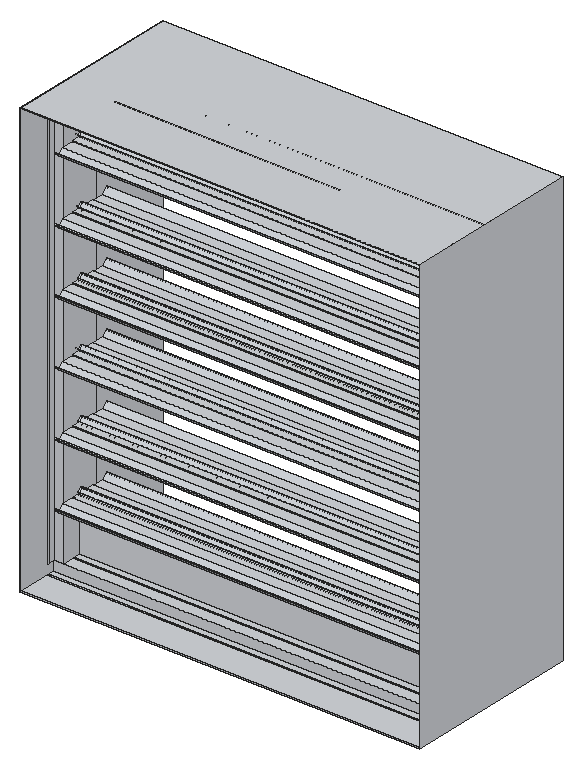
Revit family "FD-110-3V, FDD-110-3V", category Mechanical Equipment, Revit 2015
Parameters
  URL = "http://unitedenertech.com/catalog/pdf/A-30%20%20(FDD-110-3V%20(-OW)%20(-CR)-1%20black%20and%20white.pdf"
  Type Comments = "Max. Sizes are (1.5 Hour Vertical 108\"w x 96\"h), (1.5 Hour Horizontal 72\"w x 48\"h), (3 Hour Vertical 72\"w x 48\"h), (3 Hour Horizontal 72\"w x 48\"h)"
  Model = "FD-110-3V, FDD-110-3V"
  Manufacturer = "United Enertech Corporation"
  Keynote = "FSLF-120 Actuator Shown In the Air Stream, Consult Factory for Out of the Air Stream Placement in Models. See Website for Correct Actuator for Damper Size."
  Exact Width = 3' - 0"
  Exact Height = 3' - 3"
  Description = "Multi-Blade Fire Damper, 3V Blade"
  Depth = 1' - 4"
  Blade Spacing = 0' - 5 3/4"
  Blade Number [instance] = rounddown((Exact Height - 0' 3") / Blade Spacing)  # 6
  BW [instance] = Exact Width - 0' 2 1/2"  # 2' - 9 1/2"
Reference planes (in)
  plane 1 "Center (Front/Back)": y = 0
  plane 2: z = 0
  plane 3 "Center (Left/Right)": x = 0
  plane 4: z = 39
  plane 5: x = -18
  plane 6: x = 18
  plane 7: z = 0.0359
  plane 8: z = 38.9641
  plane 9: x = -17.9641
  plane 10: x = 17.9641
  plane 11: y = 13
  plane 12: y = -3
  plane 13: y = 5
  plane 14: z = 0.9348
  plane 15: z = 38.0293
  plane 16: x = -17.0293
  plane 17: x = 17.0293
  plane 18: z = 35.27732
  plane 19: y = 4.3098
  plane 20: z = 37.5
  plane 21: z = 26.4428
  plane 22: z = 35.24218
  plane 23: z = 34.78895
  plane 24: z = 35.97045
Forms (in)
  Extrusion 1, solid
    sketch origin (0, 0, 0) x (1, 0, 0) y (0, 0, 1)
      loop
        line (-17.9641, 38.9641) -> (-17.9641, 0.0359) -> (17.9641, 0.0359) -> (17.9641, 38.9641) -> (-17.9641, 38.9641)
      loop
        line (-18, 39) -> (-18, 0) -> (18, 0) -> (18, 39) -> (-18, 39)
    from -13 to 3
  Extrusion 2, solid
    sketch origin (23.93472, -8.11588, 0) x (1, 0, 0) y (0, 1, 0)
      loop
        line (-41.83902, 8.11588) -> (-41.83902, 8.17568) -> (-41.83902, 8.80608) -> (-40.96402, 8.80608) -> (-40.96402, 12.42568) -> (-41.83902, 12.42568) -> (-41.83902, 13.05608) -> (-41.83902, 13.11588) -> (-41.89882, 13.11588) -> (-41.89882, 12.36588) -> (-41.02382, 12.36588) -> (-41.02382, 8.86588) -> (-41.89882, 8.86588) -> (-41.89882, 8.11588) -> (-41.83902, 8.11588)
    from 0.9348 to 38.0293
  Extrusion 3, solid
    sketch origin (31.96104, -8.11588, 36.89882) x (0, 0, 1) y (0, 1, 0)
      loop
        line (-36.83902, 8.17568) -> (-36.83902, 8.80608) -> (-35.96402, 8.80608) -> (-35.96402, 12.42568) -> (-36.83902, 12.42568) -> (-36.83902, 13.05608) -> (-36.83902, 13.11588) -> (-36.89882, 13.11588) -> (-36.89882, 12.36588) -> (-36.02382, 12.36588) -> (-36.02382, 8.86588) -> (-36.89882, 8.86588) -> (-36.89882, 8.11588) -> (-36.83902, 8.11588) -> (-36.83902, 8.17568)
    from 13.99694 to 49.92514
  Extrusion 4, solid
    sketch origin (26.89178, -38.52709, 32.33205) x (0, -1, 0) y (0, 0, -1)
      loop
        line (-41.02709, -5.19725) -> (-41.02709, -5.69725) -> (-40.27709, -5.69725) -> (-40.27709, -5.61625) -> (-40.94609, -5.61625) -> (-40.94609, -5.19725) -> (-41.02709, -5.19725)
    from -43.92108 to -9.86248
  Extrusion 5, solid
    sketch origin (62.39247, 5.64851, 0.33329) x (0, 1, 0) y (0, 0, 1)
      loop
        line (-3.14851, 3.60151) -> (-3.22663, 3.60151) -> (-3.22663, 0.67964) -> (-3.89851, 0.67964) -> (-3.89851, 0.60151) -> (-3.14851, 0.60151) -> (-3.14851, 3.60151)
    from -79.42177 to -45.36317
  Extrusion 6, solid
    sketch origin (-23.93472, -8.11588, 0) x (-1, 0, 0) y (0, -1, 0)
      loop
        line (-41.83902, -8.11588) -> (-41.89882, -8.11588) -> (-41.89882, -8.86588) -> (-41.02382, -8.86588) -> (-41.02382, -12.36588) -> (-41.89882, -12.36588) -> (-41.89882, -13.11588) -> (-41.83902, -13.11588) -> (-41.83902, -13.05608) -> (-41.83902, -12.42568) -> (-40.96402, -12.42568) -> (-40.96402, -8.80608) -> (-41.83902, -8.80608) -> (-41.83902, -8.17568) -> (-41.83902, -8.11588)
    from 0.9348 to 38.0293
  Extrusion 7, solid
    sketch origin (31.96104, -8.11588, 11.06528) x (0, 0, -1) y (0, -1, 0)
      loop
        line (-27.83902, -8.17568) -> (-27.83902, -8.11588) -> (-27.89882, -8.11588) -> (-27.89882, -8.86588) -> (-27.02382, -8.86588) -> (-27.02382, -12.36588) -> (-27.89882, -12.36588) -> (-27.89882, -13.11588) -> (-27.83902, -13.11588) -> (-27.83902, -13.05608) -> (-27.83902, -12.42568) -> (-26.96402, -12.42568) -> (-26.96402, -8.80608) -> (-27.83902, -8.80608) -> (-27.83902, -8.17568)
    from 13.99694 to 49.92514
  Extrusion 8, solid
    sketch origin (0, 0, 0) x (0, 1, 0) y (0, 0, 1)
      loop
        line (7.9528, 35.24218) -> (7.6668, 35.24218)
        arc (7.6668, 35.24218) -> (7.8098, 34.71875) -> (7.9528, 35.24218) r 0.28125
    from -17.9641 to 17.9641
Dimensions and locks (in)
  "Exact Height": plane 4 to level
  equal spacing: plane 5, plane 3 "Center (Left/Right)", plane 6
  "Exact Width": plane 5 to plane 6
  locked: plane 7 to level at 0.0359
  locked: plane 4 to plane 8 at 0.0359
  locked: plane 5 to plane 9 at 0.0359
  locked: plane 10 to plane 6 at 0.0359
  locked: plane 1 "Center (Front/Back)" to plane 12 at 3
  "Depth": plane 11 to plane 12
  locked: plane 1 "Center (Front/Back)" to plane 13 at 5
  locked: plane 14 to level at 0.9348
  locked: plane 8 to plane 15 at 0.9348
  locked: plane 16 to plane 9 at 0.9348
  locked: plane 10 to plane 17 at 0.9348
  locked: plane 4 to plane 18 at 3.72268
  locked: plane 13 to plane 19 at 0.6902
  locked: plane 4 to plane 20 at 1.5
  locked: plane 4 to plane 21 at 12.5572
  locked: plane 4 to plane 22 at 3.75782
  locked: plane 4 to plane 23 at 4.21105
  equal spacing: group 2, group 3, group 4, group 5, group 6, group 7  (x2)
  equal spacing: group 7, group 6, group 5, group 4, group 3, group 2
  "Blade Spacing": nested 4 to nested 5
  locked: plane 4 to plane 24 at 3.02955
  aligned and locked: level to plane 2
  aligned and locked: Extrusion 1 sketch curve to plane 4
  aligned and locked: level to Extrusion 1 sketch curve
  aligned and locked: Extrusion 1 sketch curve to plane 5
  aligned and locked: Extrusion 1 sketch curve to plane 6
  aligned and locked: Extrusion 1 sketch curve to plane 8
  aligned and locked: plane 7 to Extrusion 1 sketch curve
  aligned and locked: plane 10 to Extrusion 1 sketch curve
  aligned and locked: plane 9 to Extrusion 1 sketch curve
  aligned and locked: plane 11 to Extrusion 1
  aligned and locked: Extrusion 1 to plane 12
  aligned and locked: Extrusion 2 to plane 9
  aligned and locked: Extrusion 6 to plane 10
  aligned and locked: Extrusion 3 to plane 9
  aligned and locked: Extrusion 3 to plane 10
  aligned and locked: Extrusion 6 to plane 14
  aligned and locked: Extrusion 2 to plane 14
  aligned and locked: plane 8 to Extrusion 7
  aligned and locked: plane 15 to Extrusion 6
  aligned and locked: plane 15 to Extrusion 2
  aligned and locked: Extrusion 7 to plane 9
  aligned and locked: Extrusion 7 to plane 10
  aligned and locked: Extrusion 5 to plane 16
  aligned and locked: plane 17 to Extrusion 5
  aligned and locked: Extrusion 7 to plane 15
  aligned and locked: plane 15 to Extrusion 4
  aligned and locked: Extrusion 4 to plane 16
  aligned and locked: plane 17 to Extrusion 4
  aligned and locked: nested 2 to plane 10
  aligned and locked: plane 9 to nested 3
  aligned and locked: nested 3 to plane 19
  aligned and locked: plane 19 to nested 2
  aligned and locked: Extrusion 8 to plane 10
  aligned and locked: Extrusion 8 to plane 9
  aligned and locked: nested 3 to plane 20
  aligned and locked: plane 20 to nested 2
  aligned and locked: plane 22 to Extrusion 8
  aligned and locked: nested 4 to plane 23
  aligned and locked: nested 4 to plane 3 "Center (Left/Right)"
  aligned and locked: plane 17 to nested 6
  aligned and locked: plane 24 to nested 6
Automatic sketch dimensions
  Extrusion 2 sketch curve to plane 9 = 0' - 0"  (x2)
  plane 1 "Center (Front/Back)" to Extrusion 2 sketch curve = 0' - 0"
  plane 13 to Extrusion 2 sketch curve = 0' - 0"
  plane 9 to Extrusion 2 sketch curve = 0' - 0.0598"  (x2)
  Extrusion 2 sketch curve to Extrusion 2 sketch curve = 0' - 0.8152"
  Extrusion 2 sketch curve to Extrusion 2 sketch curve = 0' - 0.0598"  (x4)
  Extrusion 2 sketch curve to plane 1 "Center (Front/Back)" = 0' - 0.0598"
  Extrusion 2 sketch curve to Extrusion 2 sketch curve = 0' - 0.6304"
  Extrusion 2 sketch curve to Extrusion 2 sketch curve = 0' - 0 3/4"
  Extrusion 3 sketch curve to level = 0' - 0"  (x2)
  Extrusion 3 sketch curve to plane 1 "Center (Front/Back)" = 0' - 0"
  Extrusion 3 sketch curve to plane 13 = 0' - 0"
  Extrusion 3 sketch curve to plane 14 = 0' - 0"
  plane 7 to Extrusion 3 sketch curve = 0' - 0.0239"  (x2)
  Extrusion 3 sketch curve to plane 14 = 0' - 0.0598"
  Extrusion 3 sketch curve to plane 1 "Center (Front/Back)" = 0' - 0.0598"
  Extrusion 3 sketch curve to Extrusion 3 sketch curve = 0' - 0.6304"
  Extrusion 3 sketch curve to Extrusion 3 sketch curve = 0' - 0.0598"  (x2)
  plane 13 to Extrusion 3 sketch curve = 0' - 0 3/4"
  plane 13 to Extrusion 3 sketch curve = 0' - 0.0598"
  Extrusion 4 sketch curve to plane 8 = 0' - 1.4348"
  plane 12 to Extrusion 4 sketch curve = 0' - 5 1/2"
  Extrusion 4 sketch curve to Extrusion 4 sketch curve = 0' - 0.081"  (x2)
  Extrusion 4 sketch curve to Extrusion 4 sketch curve = 0' - 0.669"
  Extrusion 4 sketch curve to Extrusion 4 sketch curve = 0' - 0.419"
  Extrusion 5 sketch curve to plane 14 = 0' - 0"
  plane 14 to Extrusion 5 sketch curve = 0' - 0 5/64"
  plane 12 to Extrusion 5 sketch curve = 0' - 4 3/4"
  Extrusion 5 sketch curve to Extrusion 5 sketch curve = 0' - 0 43/64"
  Extrusion 5 sketch curve to Extrusion 5 sketch curve = 0' - 0 5/64"
  Extrusion 5 sketch curve to Extrusion 5 sketch curve = 0' - 2 59/64"
  Extrusion 6 sketch curve to plane 10 = 0' - 0"  (x2)
  plane 1 "Center (Front/Back)" to Extrusion 6 sketch curve = 0' - 0"
  plane 13 to Extrusion 6 sketch curve = 0' - 0"
  Extrusion 6 sketch curve to plane 10 = 0' - 0.0598"  (x2)
  Extrusion 6 sketch curve to Extrusion 6 sketch curve = 0' - 0.8152"
  Extrusion 6 sketch curve to Extrusion 6 sketch curve = 0' - 0.0598"  (x3)
  plane 1 "Center (Front/Back)" to Extrusion 6 sketch curve = 0' - 0.0598"
  Extrusion 6 sketch curve to Extrusion 6 sketch curve = 0' - 0.6304"
  Extrusion 6 sketch curve to plane 13 = 0' - 0 3/4"
  Extrusion 6 sketch curve to plane 13 = 0' - 0.0598"
  Extrusion 7 sketch curve to plane 1 "Center (Front/Back)" = 0' - 0"
  Extrusion 7 sketch curve to plane 13 = 0' - 0"
  plane 13 to Extrusion 7 sketch curve = 0' - 0 3/4"
  Extrusion 7 sketch curve to plane 8 = 0' - 0"
  Extrusion 7 sketch curve to Extrusion 7 sketch curve = 0' - 0"
  Extrusion 7 sketch curve to Extrusion 7 sketch curve = 0' - 0.0598"  (x6)
  Extrusion 7 sketch curve to Extrusion 7 sketch curve = 0' - 0.8152"
  Extrusion 7 sketch curve to plane 1 "Center (Front/Back)" = 0' - 0 3/4"
  Extrusion 7 sketch curve to plane 1 "Center (Front/Back)" = 0' - 0.0598"
  Extrusion 8 sketch curve to plane 18 = 0' - 0.27732"
  Extrusion 8 sketch curve to plane 13 = 0' - 2.8098"
  Extrusion 8 sketch curve to plane 18 = 0' - 0 9/256"
  Extrusion 8 sketch curve to Extrusion 8 sketch curve = 0' - 0.143"
Nested families (in)
  nested 1: "160BL" at (62.39247, -25.11688, 30.67097), type "160BL", not visible
    with Blade Width 2' - 9 1/2"
  nested 2: "Fire Smoke Actuator Bracket" at (18.23913, 4.3098, 36.56141) x (0, 0, 1) z (0, 1, 0), type "Fire Smoke Actuator Bracket"
  nested 3: "Fire Smoke Actuator Bracket" at (-18.23913, 4.3098, 36.56141) x (0, 0, 1) z (0, 1, 0), type "Fire Smoke Actuator Bracket"
  nested 4: "3VBLADE" at (0, -1.33126, 33.20661), type "3VBLADE"
    with Blade Width 2' - 9 1/2"
  nested 5: "3VBLADE" at (0, -1.33126, 27.45661), type "3VBLADE"
    with Blade Width 2' - 9 1/2"
  nested 6: "FSLF-120" at (14.8204, 12.99816, 27.76305), type "FSLF-120"
  nested 7: "3VBLADE" at (0, -1.33126, 21.70661), type "3VBLADE"
    with Blade Width 2' - 9 1/2"
  nested 8: "3VBLADE" at (0, -1.33126, 15.95661), type "3VBLADE"
    with Blade Width 2' - 9 1/2"
  nested 9: "3VBLADE" at (0, -1.33126, 10.20661), type "3VBLADE"
    with Blade Width 2' - 9 1/2"
  nested 10: "3VBLADE" at (0, -1.33126, 4.45661), type "3VBLADE"
    with Blade Width 2' - 9 1/2"
Definition of nested family "160BL"
  Parameters (values of type "160BL")
    Blade Width = 2' - 0"
  Reference planes (in)
    plane 1 "Center (Front/Back)": y = 0
    plane 2: z = 0
    plane 3 "Center (Left/Right)": x = 0
    plane 4: x = -12
    plane 5: x = 12
    plane 6: x = 13
    plane 7: x = 10
    plane 8: x = -10
    plane 9: x = -13
  Forms (in)
    Extrusion 1, solid
      sketch origin (-29.66395, -41.88595, -4.51752) x (0, -1, 0) y (0, 0, -1)
        loop
          line (-42.3214, -5.69562) -> (-42.3214, -6.04405) -> (-41.94647, -6.04405) -> (-41.94647, -5.69562) -> (-42.3214, -5.69562)
      from 39.66395 to 42.66395
    Extrusion 2, solid
      sketch origin (-29.66395, -42.01854, -6.8342) x (0, -1, 0) y (0, 0, -1)
        loop
          line (-43.46599, -7.97904) -> (-43.51899, -7.97904) -> (-43.51899, -8.39235) -> (-42.90411, -8.41377) -> (-42.50696, -8.41377) -> (-42.50696, -8.36074) -> (-42.90411, -8.36074) -> (-43.46599, -8.34116) -> (-43.46599, -7.97904)
      from 17.66395 to 41.66395
    Extrusion 3, solid
      sketch origin (-29.66395, -42.01854, -6.8342) x (0, -1, 0) y (0, 0, -1)
        loop
          line (-43.41296, -8.32667) -> (-43.41296, -8.03022) -> (-42.89933, -8.01224) -> (-42.50696, -8.01224) -> (-42.50696, -8.41377) -> (-42.02598, -8.41377) -> (-42.02598, -8.0123) -> (-41.62883, -8.0123) -> (-41.11996, -8.03003) -> (-41.11996, -8.32648) -> (-41.06699, -8.32648) -> (-41.06699, -7.97904) -> (-41.63442, -7.95927) -> (-42.07906, -7.95927) -> (-42.07906, -8.36074) -> (-42.45398, -8.36074) -> (-42.45398, -7.95927) -> (-42.90119, -7.95927) -> (-43.46596, -7.97904) -> (-43.46596, -8.32667) -> (-43.41296, -8.32667)
      from 17.66395 to 41.66395
    Extrusion 4, solid
      sketch origin (-29.66395, -42.01854, -6.8342) x (0, -1, 0) y (0, 0, -1)
        loop
          line (-42.45398, -7.95927) -> (-42.45398, -8.01224) -> (-42.07906, -8.01224) -> (-42.07906, -7.95927) -> (-42.45398, -7.95927)
      from 17.66395 to 41.66395
    Extrusion 5, solid
      sketch origin (-29.66395, -42.01854, -6.8342) x (0, -1, 0) y (0, 0, -1)
        loop
          line (-41.06705, -7.97904) -> (-41.06705, -8.34116) -> (-41.62893, -8.36074) -> (-42.02598, -8.36074) -> (-42.02598, -8.41377) -> (-41.62893, -8.41377) -> (-41.01405, -8.39235) -> (-41.01405, -7.97904) -> (-41.06705, -7.97904)
      from 17.66395 to 41.66395
    Extrusion 6, solid
      sketch origin (-29.66395, -42.01854, -6.8342) x (0, -1, 0) y (0, 0, -1)
        loop
          line (-45.11444, -8.04212) -> (-45.14143, -8.06102) -> (-45.14143, -8.15472) -> (-43.65311, -8.44766) -> (-43.61881, -8.3631) -> (-43.58593, -8.44056) -> (-40.94517, -8.44056) -> (-40.91325, -8.36156) -> (-40.87962, -8.44109) -> (-40.06454, -8.37558) -> (-40.01199, -8.16476) -> (-39.44168, -8.27557) -> (-39.41851, -8.2524) -> (-40.03184, -8.13323) -> (-40.08641, -8.35172) -> (-40.86, -8.41376) -> (-40.88095, -8.33556) -> (-40.94478, -8.33556) -> (-40.96652, -8.41377) -> (-43.56615, -8.41377) -> (-43.58705, -8.33578) -> (-43.65168, -8.33578) -> (-43.67323, -8.41619) -> (-45.11444, -8.13252) -> (-45.11444, -8.04212)
      from 17.66395 to 41.66395
    Extrusion 7, solid
      sketch origin (-29.66395, 42.51351, 9.53877) x (0, 1, 0) y (0, 0, 1)
        loop
          line (-45.11444, -8.04212) -> (-45.14143, -8.06102) -> (-45.14143, -8.15472) -> (-43.65311, -8.44766) -> (-43.61881, -8.3631) -> (-43.58593, -8.44056) -> (-40.94517, -8.44056) -> (-40.91325, -8.36156) -> (-40.87962, -8.44109) -> (-40.06454, -8.37558) -> (-40.01199, -8.16476) -> (-39.44168, -8.27557) -> (-39.41851, -8.2524) -> (-40.03184, -8.13323) -> (-40.08641, -8.35172) -> (-40.86, -8.41376) -> (-40.88095, -8.33556) -> (-40.94478, -8.33556) -> (-40.96652, -8.41377) -> (-43.56615, -8.41377) -> (-43.58705, -8.33578) -> (-43.65168, -8.33578) -> (-43.67323, -8.41619) -> (-45.11444, -8.13252) -> (-45.11444, -8.04212)
      from 17.66395 to 41.66395
    Extrusion 8, solid
      sketch origin (-63.16395, -41.88595, -4.51752) x (0, -1, 0) y (0, 0, -1)
        loop
          line (-42.3214, -5.69562) -> (-42.3214, -6.04405) -> (-41.94647, -6.04405) -> (-41.94647, -5.69562) -> (-42.3214, -5.69562)
      from 50.16395 to 53.16395
  Dimensions and locks (in)
    equal spacing: plane 4, plane 3 "Center (Left/Right)", plane 5
    "Blade Width": plane 4 to plane 5
    locked: plane 7 to plane 5 at 2
    locked: plane 5 to plane 6 at 1
    locked: plane 4 to plane 8 at 2
    locked: plane 9 to plane 4 at 1
    aligned and locked: level to plane 2
    aligned and locked: plane 5 to Extrusion 6
    aligned and locked: plane 5 to Extrusion 7
    aligned and locked: plane 5 to Extrusion 5
    aligned and locked: plane 5 to Extrusion 3
    aligned and locked: plane 5 to Extrusion 2
    aligned and locked: Extrusion 1 to plane 6
    aligned and locked: plane 5 to Extrusion 4
    aligned and locked: plane 7 to Extrusion 1
    aligned and locked: Extrusion 8 to plane 9
    aligned and locked: Extrusion 8 to plane 8
    aligned and locked: plane 4 to Extrusion 6
    aligned and locked: plane 4 to Extrusion 7
    aligned and locked: plane 4 to Extrusion 2
    aligned and locked: plane 4 to Extrusion 3
    aligned and locked: plane 4 to Extrusion 5
    aligned and locked: plane 4 to Extrusion 4
  Automatic sketch dimensions
    Extrusion 1 sketch curve to plane 1 "Center (Front/Back)" = 0' - 0.43545"
    Extrusion 1 sketch curve to plane 1 "Center (Front/Back)" = 0' - 0.06052"
    level to Extrusion 1 sketch curve = 0' - 1.52654"
    Extrusion 1 sketch curve to Extrusion 1 sketch curve = 0' - 0.34843"
    Extrusion 2 sketch curve to plane 1 "Center (Front/Back)" = 0' - 1.50045"
    Extrusion 2 sketch curve to Extrusion 2 sketch curve = 0' - 0.053"
    Extrusion 2 sketch curve to Extrusion 2 sketch curve = 0' - 0.56188"
    Extrusion 2 sketch curve to Extrusion 2 sketch curve = 0' - 0"
    Extrusion 2 sketch curve to Extrusion 2 sketch curve = 0' - 0.39715"
    level to Extrusion 2 sketch curve = 0' - 1.57957"
    Extrusion 2 sketch curve to Extrusion 2 sketch curve = 0' - 0.02142"
    Extrusion 2 sketch curve to Extrusion 2 sketch curve = 0' - 0.05303"
    Extrusion 2 sketch curve to Extrusion 2 sketch curve = 0' - 0.05119"
    Extrusion 2 sketch curve to Extrusion 2 sketch curve = 0' - 0.36212"
    Extrusion 3 sketch curve to plane 1 "Center (Front/Back)" = 0' - 1.44742"
    Extrusion 3 sketch curve to Extrusion 3 sketch curve = 0' - 0.053"
    Extrusion 3 sketch curve to Extrusion 3 sketch curve = 0' - 0.51177"
    Extrusion 3 sketch curve to Extrusion 3 sketch curve = 0' - 0.00185"
    Extrusion 3 sketch curve to plane 1 "Center (Front/Back)" = 0' - 0.48842"
    Extrusion 3 sketch curve to Extrusion 3 sketch curve = 0' - 0.05297"  (x3)
    Extrusion 3 sketch curve to plane 1 "Center (Front/Back)" = 0' - 0.06052"
    Extrusion 3 sketch curve to plane 1 "Center (Front/Back)" = 0' - 0.00745"
    plane 1 "Center (Front/Back)" to Extrusion 3 sketch curve = 0' - 0.38411"
    Extrusion 3 sketch curve to Extrusion 3 sketch curve = 0' - 0.00559"
    Extrusion 3 sketch curve to Extrusion 3 sketch curve = 0' - 0.50887"
    level to Extrusion 3 sketch curve = 0' - 1.57957"
    Extrusion 3 sketch curve to Extrusion 3 sketch curve = 0' - 0.05303"  (x2)
    Extrusion 3 sketch curve to Extrusion 3 sketch curve = 0' - 0.0871"
    Extrusion 3 sketch curve to Extrusion 3 sketch curve = 0' - 0.08729"
    Extrusion 3 sketch curve to Extrusion 3 sketch curve = 0' - 0.29645"  (x2)
    Extrusion 3 sketch curve to Extrusion 3 sketch curve = 0' - 0.34843"
    Extrusion 3 sketch curve to Extrusion 3 sketch curve = 0' - 0.01798"
    Extrusion 3 sketch curve to Extrusion 3 sketch curve = 0' - 0.05099"
    Extrusion 3 sketch curve to Extrusion 3 sketch curve = 0' - 0.05118"
    Extrusion 4 sketch curve to plane 1 "Center (Front/Back)" = 0' - 0.43545"
    Extrusion 4 sketch curve to plane 1 "Center (Front/Back)" = 0' - 0.06052"
    level to Extrusion 4 sketch curve = 0' - 1.17804"
    Extrusion 4 sketch curve to Extrusion 4 sketch curve = 0' - 0.05297"
    Extrusion 5 sketch curve to plane 1 "Center (Front/Back)" = 0' - 0.00745"
    plane 1 "Center (Front/Back)" to Extrusion 5 sketch curve = 0' - 0.3896"
    Extrusion 5 sketch curve to Extrusion 5 sketch curve = 0' - 0"
    Extrusion 5 sketch curve to Extrusion 5 sketch curve = 0' - 0.56188"
    Extrusion 5 sketch curve to Extrusion 5 sketch curve = 0' - 0.053"
    level to Extrusion 5 sketch curve = 0' - 1.57957"
    Extrusion 5 sketch curve to Extrusion 5 sketch curve = 0' - 0.02142"
    Extrusion 5 sketch curve to Extrusion 5 sketch curve = 0' - 0.05303"
    Extrusion 5 sketch curve to Extrusion 5 sketch curve = 0' - 0.05119"
    Extrusion 5 sketch curve to Extrusion 5 sketch curve = 0' - 0.36212"
    level to Extrusion 6 sketch curve = 0' - 1.32052"
    Extrusion 6 sketch curve to plane 1 "Center (Front/Back)" = 0' - 3.12289"
    level to Extrusion 6 sketch curve = 0' - 1.20792"
    Extrusion 6 sketch curve to Extrusion 6 sketch curve = 0' - 0.02699"
    Extrusion 6 sketch curve to Extrusion 6 sketch curve = 0' - 1.44121"
    Extrusion 6 sketch curve to Extrusion 6 sketch curve = 0' - 0.02012"
    Extrusion 6 sketch curve to Extrusion 6 sketch curve = 0' - 0.02155"
    Extrusion 6 sketch curve to Extrusion 6 sketch curve = 0' - 0.03287"
    Extrusion 6 sketch curve to Extrusion 6 sketch curve = 0' - 0.03176"
    Extrusion 6 sketch curve to Extrusion 6 sketch curve = 0' - 0.06717"
    Extrusion 6 sketch curve to Extrusion 6 sketch curve = 0' - 0.01978"
    plane 1 "Center (Front/Back)" to Extrusion 6 sketch curve = 0' - 1.05202"
    Extrusion 6 sketch curve to Extrusion 6 sketch curve = 0' - 0.02136"
    Extrusion 6 sketch curve to Extrusion 6 sketch curve = 0' - 0.02174"
    Extrusion 6 sketch curve to Extrusion 6 sketch curve = 0' - 0.03153"  (x2)
    Extrusion 6 sketch curve to Extrusion 6 sketch curve = 0' - 0.0323"
    Extrusion 6 sketch curve to Extrusion 6 sketch curve = 0' - 0.06554"
    Extrusion 6 sketch curve to Extrusion 6 sketch curve = 0' - 0.01963"
    Extrusion 6 sketch curve to Extrusion 6 sketch curve = 0' - 0.77359"
    Extrusion 6 sketch curve to Extrusion 6 sketch curve = 0' - 0.02187"
    Extrusion 6 sketch curve to Extrusion 6 sketch curve = 0' - 0.05457"
    Extrusion 6 sketch curve to Extrusion 6 sketch curve = 0' - 0.01985"
    Extrusion 6 sketch curve to Extrusion 6 sketch curve = 0' - 0 73/128"
    Extrusion 6 sketch curve to Extrusion 6 sketch curve = 0' - 0.02317"  (x2)
    level to Extrusion 6 sketch curve = 0' - 1.33056"
    Extrusion 6 sketch curve to Extrusion 6 sketch curve = 0' - 0.08764"
    Extrusion 6 sketch curve to Extrusion 6 sketch curve = 0' - 0.1708"
    level to Extrusion 6 sketch curve = 0' - 1.50158"
    Extrusion 6 sketch curve to Extrusion 6 sketch curve = 0' - 0.18696"
    Extrusion 6 sketch curve to Extrusion 6 sketch curve = 0' - 0.02601"
    Extrusion 6 sketch curve to Extrusion 6 sketch curve = 0' - 0 7/256"  (x2)
    Extrusion 6 sketch curve to Extrusion 6 sketch curve = 0' - 0.02386"
    Extrusion 6 sketch curve to Extrusion 6 sketch curve = 0' - 0.05219"
    Extrusion 6 sketch curve to Extrusion 6 sketch curve = 0' - 0.05067"
    Extrusion 6 sketch curve to Extrusion 6 sketch curve = 0' - 0.05309"
    Extrusion 6 sketch curve to Extrusion 6 sketch curve = 0' - 0.02679"
    Extrusion 6 sketch curve to Extrusion 6 sketch curve = 0' - 0.03147"
    Extrusion 6 sketch curve to Extrusion 6 sketch curve = 0' - 0.0222"
    Extrusion 6 sketch curve to Extrusion 6 sketch curve = 0' - 0.0189"
    plane 1 "Center (Front/Back)" to Extrusion 7 sketch curve = 0' - 2.62792"
    Extrusion 7 sketch curve to Extrusion 7 sketch curve = 0' - 0.02699"
    plane 1 "Center (Front/Back)" to Extrusion 7 sketch curve = 0' - 1.15972"
    Extrusion 7 sketch curve to Extrusion 7 sketch curve = 0' - 0.02012"
    Extrusion 7 sketch curve to Extrusion 7 sketch curve = 0' - 0.02155"
    Extrusion 7 sketch curve to Extrusion 7 sketch curve = 0' - 0.03287"
    Extrusion 7 sketch curve to Extrusion 7 sketch curve = 0' - 0.03176"
    Extrusion 7 sketch curve to Extrusion 7 sketch curve = 0' - 0.06717"
    Extrusion 7 sketch curve to Extrusion 7 sketch curve = 0' - 0.01978"
    Extrusion 7 sketch curve to plane 1 "Center (Front/Back)" = 0' - 1.54699"
    Extrusion 7 sketch curve to Extrusion 7 sketch curve = 0' - 0.02136"
    Extrusion 7 sketch curve to Extrusion 7 sketch curve = 0' - 0.02174"
    Extrusion 7 sketch curve to Extrusion 7 sketch curve = 0' - 0.03153"  (x2)
    Extrusion 7 sketch curve to Extrusion 7 sketch curve = 0' - 0.0323"
    Extrusion 7 sketch curve to Extrusion 7 sketch curve = 0' - 0.06554"
    Extrusion 7 sketch curve to Extrusion 7 sketch curve = 0' - 0.01963"
    level to Extrusion 7 sketch curve = 0' - 1.18705"
    Extrusion 7 sketch curve to Extrusion 7 sketch curve = 0' - 0.77359"
    level to Extrusion 7 sketch curve = 0' - 1.16319"
    Extrusion 7 sketch curve to Extrusion 7 sketch curve = 0' - 0.02187"
    Extrusion 7 sketch curve to Extrusion 7 sketch curve = 0' - 0.05457"
    Extrusion 7 sketch curve to Extrusion 7 sketch curve = 0' - 0.01985"
    level to Extrusion 7 sketch curve = 0' - 1.2632"
    Extrusion 7 sketch curve to Extrusion 7 sketch curve = 0' - 0 73/128"
    level to Extrusion 7 sketch curve = 0' - 1.28637"
    Extrusion 7 sketch curve to Extrusion 7 sketch curve = 0' - 0.02317"
    Extrusion 7 sketch curve to Extrusion 7 sketch curve = 0' - 0.06204"
    level to Extrusion 7 sketch curve = 0' - 1 1/8"
    Extrusion 7 sketch curve to Extrusion 7 sketch curve = 0' - 0.00242"
    Extrusion 7 sketch curve to Extrusion 7 sketch curve = 0' - 0.02679"
    Extrusion 7 sketch curve to Extrusion 7 sketch curve = 0' - 0 7/256"  (x2)
    Extrusion 7 sketch curve to Extrusion 7 sketch curve = 0' - 0.03147"
    Extrusion 7 sketch curve to Extrusion 7 sketch curve = 0' - 0.05067"
    Extrusion 7 sketch curve to Extrusion 7 sketch curve = 0' - 0.05219"
    Extrusion 7 sketch curve to Extrusion 7 sketch curve = 0' - 0.02601"
    Extrusion 7 sketch curve to Extrusion 7 sketch curve = 0' - 0.18696"
    level to Extrusion 7 sketch curve = 0' - 1.38405"
    Extrusion 7 sketch curve to Extrusion 7 sketch curve = 0' - 0.0222"
    Extrusion 7 sketch curve to Extrusion 7 sketch curve = 0' - 0.07151"
    Extrusion 7 sketch curve to Extrusion 7 sketch curve = 0' - 0.0189"
    Extrusion 8 sketch curve to plane 1 "Center (Front/Back)" = 0' - 0.43545"
    Extrusion 8 sketch curve to plane 1 "Center (Front/Back)" = 0' - 0.06052"
    level to Extrusion 8 sketch curve = 0' - 1.52654"
    Extrusion 8 sketch curve to Extrusion 8 sketch curve = 0' - 0.34843"
Definition of nested family "Fire Smoke Actuator Bracket"
  Reference planes (in)
    plane 1 "Center (Front/Back)": y = 0
    plane 2: z = 0
    plane 3 "Center (Left/Right)": x = 0
  Forms (in)
    Extrusion 1, solid
      sketch origin (54.09185, -14.49387, 0) x (1, 0, 0) y (0, 1, 0)
        loop
          line (-53.15326, 14.21883) -> (-53.90326, 14.21883) -> (-53.90326, 14.00399) -> (-57.40326, 14.00399) -> (-57.40326, 14.21883) -> (-58.15326, 14.21883) -> (-58.15326, 14.18293) -> (-57.43842, 14.18293) -> (-57.43842, 13.96883) -> (-53.8681, 13.96883) -> (-53.8681, 14.18293) -> (-53.15326, 14.18293) -> (-53.15326, 14.21883)
      from 0 to 5
    Extrusion 2, void
      sketch origin (0, 0, 0) x (1, 0, 0) y (0, 0, 1)
        loop
          circle (-1.56141, 3.5) r 0.28125
      from 0 to 1.04299
  Cuts and joins
    Extrusion 2 cuts Extrusion 1
  Dimensions and locks (in)
    aligned and locked: level to plane 2
Definition of nested family "3VBLADE"
  Parameters (values of type "3VBLADE")
    Blade Width = 2' - 0"
  Reference planes (in)
    plane 1 "Center (Front/Back)": y = 0
    plane 2: z = 0
    plane 3 "Center (Left/Right)": x = 0
    plane 4: x = -12
    plane 5: x = 12
    plane 6: x = -12.5
    plane 7: x = 12.5
  Forms (in)
    Extrusion 1, solid
      sketch origin (0, 0, 0) x (0, 1, 0) y (0, 0, 1)
        loop
          line (-0.70195, 1.51199) -> (-0.74444, 1.55448) -> (-1.14666, 1.15225) -> (-1.57675, 1.58234) -> (-3.40117, 1.58234) -> (-3.83126, 1.15225) -> (-4.26135, 1.58234) -> (-6.06088, 1.58234) -> (-6.51586, 2.03732) -> (-6.96057, 1.59261) -> (-6.91809, 1.55012) -> (-6.51586, 1.95235) -> (-6.08577, 1.52226) -> (-4.28624, 1.52226) -> (-3.83126, 1.06728) -> (-3.37629, 1.52226) -> (-1.60164, 1.52226) -> (-1.14666, 1.06728) -> (-0.70195, 1.51199)
      from -12 to 12
    Extrusion 2, solid
      sketch origin (0, 0, 0) x (0, 1, 0) y (0, 0, 1)
        loop
          line (-3.56573, 1.61238) -> (-3.83126, 1.87791) -> (-4.09679, 1.61238) -> (-3.83126, 1.34685) -> (-3.56573, 1.61238)
      from -12.5 to 12.5
    Extrusion 3, solid
      sketch origin (0, 0, 0) x (0, 1, 0) y (0, 0, 1)
        loop
          line (-2.71072, 1.58234) -> (-2.71072, 1.64242) -> (-3.53569, 1.64242) -> (-3.83126, 1.34685) -> (-4.12683, 1.64242) -> (-4.95181, 1.64242) -> (-4.95181, 1.58234) -> (-4.15172, 1.58234) -> (-3.83126, 1.26188) -> (-3.5108, 1.58234) -> (-2.71072, 1.58234)
      from -12 to 12
    Extrusion 4, solid
      sketch origin (0, 0, 0) x (0, 1, 0) y (0, 0, 1)
        loop
          line (-3.56573, 1.61238) -> (-3.51056, 1.64218) -> (-3.83126, 1.96288) -> (-4.15196, 1.64218) -> (-4.09679, 1.61238) -> (-3.83126, 1.87791) -> (-3.56573, 1.61238)
      from -12 to 12
  Dimensions and locks (in)
    equal spacing: plane 4, plane 3 "Center (Left/Right)", plane 5
    "Blade Width": plane 4 to plane 5
    locked: plane 5 to plane 7 at 0.5
    locked: plane 6 to plane 4 at 0.5
    aligned and locked: level to plane 2
    aligned and locked: plane 4 to Extrusion 1
    aligned and locked: plane 5 to Extrusion 1
    aligned and locked: plane 5 to Extrusion 3
    aligned and locked: plane 4 to Extrusion 3
    aligned and locked: plane 5 to Extrusion 4
    aligned and locked: Extrusion 2 to plane 7
    aligned and locked: plane 4 to Extrusion 4
    aligned and locked: plane 6 to Extrusion 2
  Automatic sketch dimensions
    plane 1 "Center (Front/Back)" to Extrusion 1 sketch curve = 0' - 0.70195"
    level to Extrusion 1 sketch curve = 0' - 1.51199"
    Extrusion 1 sketch curve to Extrusion 1 sketch curve = 0' - 0.04248"
    Extrusion 1 sketch curve to Extrusion 1 sketch curve = 0' - 0.44471"  (x2)
    Extrusion 1 sketch curve to Extrusion 1 sketch curve = 0' - 0"  (x2)
    level to Extrusion 1 sketch curve = 0' - 1.52226"  (x2)
    Extrusion 1 sketch curve to Extrusion 1 sketch curve = 0' - 0.02489"  (x2)
    Extrusion 1 sketch curve to Extrusion 1 sketch curve = 0' - 1.77464"
    level to Extrusion 1 sketch curve = 0' - 1.15225"
    Extrusion 1 sketch curve to Extrusion 1 sketch curve = 0' - 0.45498"
    level to Extrusion 1 sketch curve = 0' - 1.06728"
    Extrusion 1 sketch curve to Extrusion 1 sketch curve = 0' - 1.79953"
    level to Extrusion 1 sketch curve = 0' - 1.95235"
    Extrusion 1 sketch curve to Extrusion 1 sketch curve = 0' - 0.43009"
    level to Extrusion 1 sketch curve = 0' - 1.55012"
    level to Extrusion 1 sketch curve = 0' - 1.59261"
    level to Extrusion 1 sketch curve = 0' - 2.03732"
    level to Extrusion 1 sketch curve = 0' - 1.58234"
    plane 1 "Center (Front/Back)" to Extrusion 2 sketch curve = 0' - 4.09679"
    Extrusion 2 sketch curve to Extrusion 2 sketch curve = 0' - 0.26553"  (x3)
    level to Extrusion 2 sketch curve = 0' - 1.34685"
    plane 1 "Center (Front/Back)" to Extrusion 3 sketch curve = 0' - 2.71072"
    level to Extrusion 3 sketch curve = 0' - 1.64242"  (x2)
    Extrusion 3 sketch curve to Extrusion 3 sketch curve = 0' - 0.82497"  (x2)
    Extrusion 3 sketch curve to Extrusion 3 sketch curve = 0' - 0.06008"
    Extrusion 3 sketch curve to Extrusion 3 sketch curve = 0' - 0.02489"  (x2)
    level to Extrusion 3 sketch curve = 0' - 1.26188"
    Extrusion 3 sketch curve to Extrusion 3 sketch curve = 0' - 0.32046"
    level to Extrusion 3 sketch curve = 0' - 1.34685"
    Extrusion 3 sketch curve to Extrusion 3 sketch curve = 0' - 0"
    plane 1 "Center (Front/Back)" to Extrusion 4 sketch curve = 0' - 3.83126"
    level to Extrusion 4 sketch curve = 0' - 1.87791"
    Extrusion 4 sketch curve to Extrusion 4 sketch curve = 0' - 0"
    level to Extrusion 4 sketch curve = 0' - 1.61238"  (x2)
    Extrusion 4 sketch curve to Extrusion 4 sketch curve = 0' - 0.26553"
    Extrusion 4 sketch curve to Extrusion 4 sketch curve = 0' - 0.05517"  (x2)
    Extrusion 4 sketch curve to Extrusion 4 sketch curve = 0' - 0.08497"
    level to Extrusion 4 sketch curve = 0' - 1.64218"
Definition of nested family "FSLF-120"
  Reference planes (in)
    plane 1 "Center (Front/Back)": y = 0
    plane 2: z = 0
    plane 3 "Center (Left/Right)": x = 0
  Forms (in)
    Extrusion 1, solid
      sketch origin (0, 0, 0) x (0, 1, 0) y (0, 0, 1)
        loop
          arc (-3.58331, 2.09938) -> (-3.44059, 2.1585) -> (-3.38147, 2.30122) r 0.20184
          line (-3.38147, 2.30122) -> (-3.38147, 7.89928)
          arc (-3.38147, 7.89928) -> (-3.44059, 8.042) -> (-3.58331, 8.10111) r 0.20184
          line (-3.58331, 8.10111) -> (-6.82752, 8.10111)
          arc (-6.82752, 8.10111) -> (-6.97024, 8.042) -> (-7.02936, 7.89928) r 0.20184
          line (-7.02936, 7.89928) -> (-7.02936, 2.30122)
          arc (-7.02936, 2.30122) -> (-6.97024, 2.1585) -> (-6.82752, 2.09938) r 0.20184
          line (-6.82752, 2.09938) -> (-3.58331, 2.09938)
        loop
          circle (-4.59401, 4.1698) r 0.10344
        loop
          circle (-5.18836, 7.24712) r 0.27109
      from 0 to 2.0647
    Extrusion 2, solid
      sketch origin (0, 0, 0) x (0, 1, 0) y (0, 0, 1)
        loop
          line (-5.07889, 1.84303) -> (-5.07889, 1.35428)
          arc (-5.07889, 1.35428) -> (-4.1161, 1.55637) -> (-3.27519, 2.06694) r 2.91799
          line (-3.27519, 2.06694) -> (-3.27519, 7.89928)
          arc (-3.27519, 7.89928) -> (-3.36543, 8.11715) -> (-3.58331, 8.2074) r 0.30812
          line (-3.58331, 8.2074) -> (-6.82752, 8.2074)
          arc (-6.82752, 8.2074) -> (-7.0454, 8.11715) -> (-7.13564, 7.89928) r 0.30812
          line (-7.13564, 7.89928) -> (-7.13564, 2.09702)
          arc (-7.13564, 2.09702) -> (-6.28174, 1.56481) -> (-5.29782, 1.35428) r 2.91799
          line (-5.29782, 1.35428) -> (-5.29782, 1.84303)
          arc (-5.29782, 1.84303) -> (-5.18836, 1.95249) -> (-5.07889, 1.84303) r 0.10947
        loop
          circle (-4.59401, 4.1698) r 0.28363
        loop
          circle (-5.18836, 7.24712) r 0.27109
      from 0 to -0.1442
    Extrusion 3, solid
      sketch origin (0, 0, 0) x (0, 1, 0) y (0, 0, 1)
        loop
          line (-5.07889, 1.84303) -> (-5.07889, 1.35428)
          arc (-5.07889, 1.35428) -> (-4.1161, 1.55637) -> (-3.27519, 2.06694) r 2.91799
          line (-3.27519, 2.06694) -> (-3.27519, 7.89928)
          arc (-3.27519, 7.89928) -> (-3.36543, 8.11715) -> (-3.58331, 8.2074) r 0.30812
          line (-3.58331, 8.2074) -> (-6.82752, 8.2074)
          arc (-6.82752, 8.2074) -> (-7.0454, 8.11715) -> (-7.13564, 7.89928) r 0.30812
          line (-7.13564, 7.89928) -> (-7.13564, 2.09702)
          arc (-7.13564, 2.09702) -> (-6.28174, 1.56481) -> (-5.29782, 1.35428) r 2.91799
          line (-5.29782, 1.35428) -> (-5.29782, 1.84303)
          arc (-5.29782, 1.84303) -> (-5.18836, 1.95249) -> (-5.07889, 1.84303) r 0.10947
        loop
          circle (-4.59401, 4.1698) r 0.28363
        loop
          circle (-5.18836, 7.24712) r 0.27109
      from 2.2089 to 2.0647
    Revolve 4, solid
      sketch origin (0.70002, 0, 0) x (0, 1, 0) y (0, 0, 1)
        loop
          line (-4.0031, 0.95098) -> (-3.92703, 0.95098) -> (-3.92703, 1.1774) -> (-3.48966, 1.1774) -> (-3.48966, 2.15927) -> (-4.0031, 2.15927) -> (-4.0031, 0.95098)
        axis (-4.0031, 0.95098) -> (-4.0031, 2.15927)
      angle from 0 to 360
    Revolve 5, solid
      sketch origin (0.70002, -10.37672, 0) x (0, -1, 0) y (0, 0, -1)
        loop
          line (-4.0031, -0.95098) -> (-4.0031, -2.15927) -> (-3.48966, -2.15927) -> (-3.48966, -1.1774) -> (-3.92703, -1.1774) -> (-3.92703, -0.95098) -> (-4.0031, -0.95098)
        axis (-4.0031, -0.95098) -> (-4.0031, -2.15927)
      angle from 0 to 360
    Extrusion 6, solid
      sketch origin (0, 0, 0) x (0, 1, 0) y (0, 0, 1)
        loop
          circle (-5.18836, 7.24712) r 0.54048
        loop
          circle (-5.18836, 7.24712) r 0.27109
      from 2.4389 to -0.3742
    Extrusion 7, solid
      sketch origin (0, 0, 0) x (0, 1, 0) y (0, 0, 1)
        loop
          line (-3.91306, 6.71864) -> (-3.7518, 6.90501) -> (-4.82025, 7.82944)
          arc (-4.82025, 7.82944) -> (-4.90724, 7.87836) -> (-5.00644, 7.88936) r 0.25
          line (-5.00644, 7.88936) -> (-5.62705, 7.83298)
          arc (-5.62705, 7.83298) -> (-5.79594, 7.74469) -> (-5.85355, 7.56303) r 0.25
          line (-5.85355, 7.56303) -> (-5.80333, 6.9664)
          arc (-5.80333, 6.9664) -> (-5.77611, 6.8722) -> (-5.71475, 6.79572) r 0.25
          line (-5.71475, 6.79572) -> (-4.62328, 5.88139) -> (-4.46502, 6.07031) -> (-5.47779, 6.9187)
          arc (-5.47779, 6.9187) -> (-5.53914, 6.99518) -> (-5.56637, 7.08938) r 0.25
          line (-5.56637, 7.08938) -> (-5.58744, 7.33975)
          arc (-5.58744, 7.33975) -> (-5.52983, 7.52141) -> (-5.36094, 7.60969) r 0.25
          line (-5.36094, 7.60969) -> (-5.08847, 7.63444)
          arc (-5.08847, 7.63444) -> (-4.98927, 7.62345) -> (-4.90228, 7.57453) r 0.25
          line (-4.90228, 7.57453) -> (-3.91306, 6.71864)
      from -0.45408 to -0.64826
    Extrusion 8, solid
      sketch origin (0, 0, 0) x (0, 1, 0) y (0, 0, 1)
        loop
          line (-4.84561, 5.92964) -> (-3.84342, 7.12404) -> (-3.96137, 7.30719) -> (-4.09731, 7.46769)
          arc (-4.09731, 7.46769) -> (-4.29911, 7.57665) -> (-4.45285, 7.74683) r 0.67563
          arc (-4.45285, 7.74683) -> (-4.52455, 7.65639) -> (-4.6158, 7.58572) r 0.47899
          line (-4.6158, 7.58572) -> (-4.72882, 7.47247)
          arc (-4.72882, 7.47247) -> (-4.85345, 6.98422) -> (-5.32567, 6.80835) r 0.54335
          line (-5.32567, 6.80835) -> (-5.42625, 6.68392)
          arc (-5.42625, 6.68392) -> (-5.48681, 6.58567) -> (-5.56911, 6.50475) r 0.47899
          arc (-5.56911, 6.50475) -> (-5.38353, 6.37) -> (-5.25372, 6.18093) r 0.67563
          line (-5.25372, 6.18093) -> (-5.03529, 5.99894) -> (-4.84561, 5.92964)
      from -0.78829 to -0.7065
    Extrusion 9, solid
      sketch origin (0, 0, 0) x (0, 1, 0) y (0, 0, 1)
        loop
          line (-4.84561, 5.92964) -> (-3.84342, 7.12404) -> (-3.87926, 7.17969) -> (-4.90878, 5.95271) -> (-4.84561, 5.92964)
      from -0.7065 to -0.1442
  Lines and regions (in)
    model lines
      curve 1: arc (0, -4.09731, 7.46769) -> (0, -4.29911, 7.57665) -> (0, -4.45285, 7.74683) r 0.67563
      curve 2: arc (0, -4.45285, 7.74683) -> (0, -4.52455, 7.65639) -> (0, -4.6158, 7.58572) r 0.47899
      curve 3: arc (0, -5.56911, 6.50475) -> (0, -5.38353, 6.37) -> (0, -5.25372, 6.18093) r 0.67563
      curve 4: arc (0, -5.42625, 6.68392) -> (0, -5.48681, 6.58567) -> (0, -5.56911, 6.50475) r 0.47899
      curve 5: arc (0, -4.72882, 7.47247) -> (0, -4.85345, 6.98422) -> (0, -5.32567, 6.80835) r 0.54335
      curve 6: arc (0, -5.08847, 7.63444) -> (0, -4.98927, 7.62345) -> (0, -4.90228, 7.57453) r 0.25
      curve 7: arc (0, -5.00644, 7.88936) -> (0, -4.90724, 7.87836) -> (0, -4.82025, 7.82944) r 0.25
      curve 8: arc (0, -5.47779, 6.9187) -> (0, -5.53914, 6.99518) -> (0, -5.56637, 7.08938) r 0.25
      curve 9: arc (0, -5.58744, 7.33975) -> (0, -5.52983, 7.52141) -> (0, -5.36094, 7.60969) r 0.25
      curve 10: line (0, -4.72882, 7.47247) -> (0, -4.6158, 7.58572)
      curve 11: line (0, -5.25372, 6.18093) -> (0, -5.03529, 5.99894)
      curve 12: line (0, -5.03529, 5.99894) -> (0, -3.96137, 7.30719)
      curve 13: line (0, -3.96137, 7.30719) -> (0, -4.09731, 7.46769)
      curve 14: line (0, -5.16521, 6.11335) -> (0, -4.05485, 7.41756)
      curve 15: line (0, -4.98938, 6.05486) -> (0, -4.84561, 5.92964)
      curve 16: line (0, -4.84561, 5.92964) -> (0, -3.84342, 7.12404)
      curve 17: line (0, -3.84342, 7.12404) -> (0, -3.9942, 7.26719)
      curve 18: line (0, -5.47779, 6.9187) -> (0, -4.46502, 6.07031)
      curve 19: line (0, -4.46502, 6.07031) -> (0, -4.62328, 5.88139)
      curve 20: line (0, -4.62328, 5.88139) -> (0, -5.71475, 6.79572)
      curve 21: line (0, -5.32567, 6.80835) -> (0, -5.42625, 6.68392)
      curve 22: line (0, -4.90228, 7.57453) -> (0, -3.91306, 6.71864)
      curve 23: line (0, -3.91306, 6.71864) -> (0, -3.7518, 6.90501)
      curve 24: line (0, -3.7518, 6.90501) -> (0, -4.82025, 7.82944)
      curve 25: line (0, -5.08847, 7.63444) -> (0, -5.36094, 7.60969)
      curve 26: line (0, -5.00644, 7.88936) -> (0, -5.62705, 7.83298)
      curve 27: line (0, -5.56637, 7.08938) -> (0, -5.58744, 7.33975)
      curve 28: line (0, -5.80333, 6.9664) -> (0, -5.85355, 7.56303)
      curve 29: arc (0, -5.71475, 6.79572) -> (0, -5.77611, 6.8722) -> (0, -5.80333, 6.9664) r 0.25
      curve 30: arc (0, -5.85355, 7.56303) -> (0, -5.79594, 7.74469) -> (0, -5.62705, 7.83298) r 0.25
      curve 31: circle (0, -4.59401, 4.1698) r 0.10344 normal (-1, 0, 0)
      curve 32: arc (0, -7.02936, 7.89928) -> (0, -6.97024, 8.042) -> (0, -6.82752, 8.10111) r 0.20184
      curve 33: arc (0, -3.58331, 8.10111) -> (0, -3.44059, 8.042) -> (0, -3.38147, 7.89928) r 0.20184
      curve 34: circle (0, -5.18836, 7.24712) r 0.27109 normal (-1, 0, 0)
      curve 35: circle (0, -5.18836, 7.24712) r 0.54048 normal (-1, 0, 0)
      curve 36: line (0, -6.82752, 8.10111) -> (0, -3.58331, 8.10111)
      curve 37: line (0, -7.02936, 7.89928) -> (0, -7.02936, 2.30122)
      curve 38: line (0, -3.38147, 2.30122) -> (0, -3.38147, 7.89928)
      curve 39: circle (0, -4.59401, 4.1698) r 0.28363 normal (-1, 0, 0)
      curve 40: arc (0, -7.13564, 7.89928) -> (0, -7.0454, 8.11715) -> (0, -6.82752, 8.2074) r 0.30812
      curve 41: arc (0, -3.58331, 8.2074) -> (0, -3.36543, 8.11715) -> (0, -3.27519, 7.89928) r 0.30812
      curve 42: line (0, -7.13564, 2.09702) -> (0, -7.13564, 7.89928)
      curve 43: line (0, -6.82752, 8.2074) -> (0, -3.58331, 8.2074)
      curve 44: line (0, -3.27519, 2.06694) -> (0, -3.27519, 7.89928)
  Dimensions and locks (in)
    aligned and locked: level to plane 2
